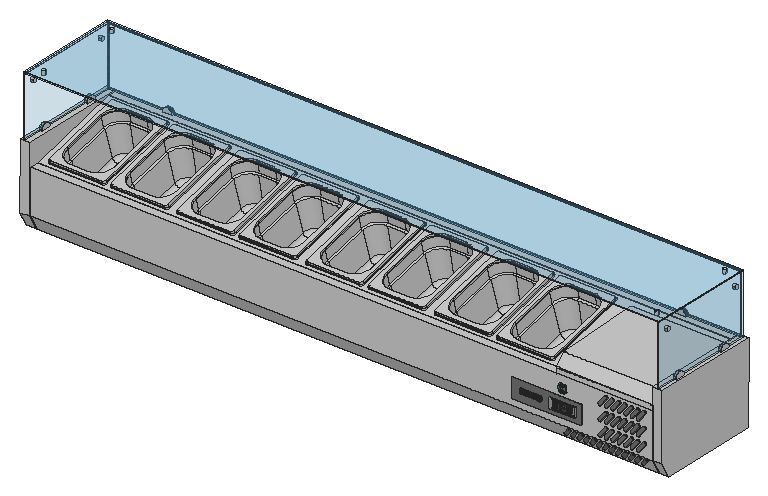
Revit family "QF_BLIZZARD_TOP2000-14CR", category Specialty Equipment, Revit 2016
Family settings
  Part Type = Normal
  Round Connector Dimension = Use Diameter
  OmniClass Number = 23.40.40.14
  OmniClass Title = Food Service Equipment
  Work Plane-Based = No
  Always vertical = Yes
  Cut with Voids When Loaded = No
  Shared = No
  Room Calculation Point = No
Parameters (values of type "TOP2000-14CR")
  URL = "www.blizzardequipment.com"
  Show Logo [instance] = yes
  Show Clearance [instance] = yes
  Model = "TOP2000-14CR"
  Manufacturer = "BLIZZARD"
  Description = "1/4 GASTRONORM PREP TOP WITH GLASS COVER 2000MM"
  Assembly Code = "E1090320"
Reference planes
  plane 1 "Back": y = 0
  plane 2: z = 0
  plane 3 "Left": x = 0
  plane 4 "Right": x = 2000
  plane 5 "Front": y = -335
  plane 6 "Top": z = 439
Forms (mm)
  Extrusion 1, solid
    sketch origin (0, -4, -8) x (0, 1, 0) y (0, 0, 1)
      loop
        line (-331, 53) -> (-306, 8) -> (2.955, 8)
        arc (2.955, 8) -> (3.694, 8.306) -> (4, 9.045) r 1.045
        line (4, 9.045) -> (4, 258) -> (-331, 258) -> (-331, 53)
    from 0 to 30
  Extrusion 2, solid
    sketch origin (1970, -4, -8) x (0, 1, 0) y (0, 0, 1)
      loop
        line (-331, 53) -> (-306, 8) -> (2.955, 8)
        arc (2.955, 8) -> (3.694, 8.306) -> (4, 9.045) r 1.045
        line (4, 9.045) -> (4, 258) -> (-331, 258) -> (-331, 53)
    from 0 to 30
  Extrusion 3, solid
    sketch origin (-580, -4, -8) x (0, 1, 0) y (0, 0, 1)
      loop
        line (-331, 53) -> (-306, 8) -> (2.955, 8)
        arc (2.955, 8) -> (3.694, 8.306) -> (4, 9.045) r 1.045
        line (4, 9.045) -> (4, 258) -> (-26, 258) -> (-26, 38) -> (-288.348, 38) -> (-301, 60.774) -> (-301, 190.193) -> (-331, 190.193) -> (-331, 53)
    from 610 to 2550
  Extrusion 4, solid
    sketch origin (10, 0, -20) x (0, 1, 0) y (0, 0, 1)
      loop
        line (-5, 455) -> (-335, 455) -> (-335, 270) -> (-5, 270) -> (-5, 455)
    from 0 to 5
  Extrusion 5, solid
    sketch origin (1985, 0, -20) x (0, 1, 0) y (0, 0, 1)
      loop
        line (-5, 455) -> (-335, 455) -> (-335, 270) -> (-5, 270) -> (-5, 455)
    from 0 to 5
  Extrusion 6, solid
    sketch origin (-610, 0, -20) x (0, 1, 0) y (0, 0, 1)
      loop
        line (-5, 460) -> (-335, 460) -> (-335, 455) -> (-5, 455) -> (-5, 460)
    from 620 to 2600
  Extrusion 7, solid
    sketch origin (-610, -5, -20) x (1, 0, 0) y (0, 0, 1)
      loop
        line (625, 455) -> (625, 270) -> (2595, 270) -> (2595, 455) -> (625, 455)
    from 0 to 5
  Extrusion 8, solid
    sketch origin (8, -65, -20) x (0, 1, 0) y (0, 0, 1)
      loop
        arc (0, 270) -> (-15, 285) -> (-30, 270) r 15
        line (-30, 270) -> (0, 270)
    from 0 to 2
  Extrusion 9, solid
    sketch origin (8, -270, -20) x (0, -1, 0) y (0, 0, -1)
      loop
        line (0, -270) -> (-30, -270)
        arc (-30, -270) -> (-15, -285) -> (0, -270) r 15
    from 0 to 2
  Extrusion 10, solid
    sketch origin (15, -65, -20) x (0, 1, 0) y (0, 0, 1)
      loop
        arc (0, 270) -> (-15, 285) -> (-30, 270) r 15
        line (-30, 270) -> (0, 270)
    from 0 to 2
  Extrusion 11, solid
    sketch origin (15, -270, -20) x (0, -1, 0) y (0, 0, -1)
      loop
        line (0, -270) -> (-30, -270)
        arc (-30, -270) -> (-15, -285) -> (0, -270) r 15
    from 0 to 2
  Extrusion 12, solid
    sketch origin (1983, -65, -20) x (0, 1, 0) y (0, 0, 1)
      loop
        arc (0, 270) -> (-15, 285) -> (-30, 270) r 15
        line (-30, 270) -> (0, 270)
    from 0 to 2
  Extrusion 13, solid
    sketch origin (1983, -270, -20) x (0, -1, 0) y (0, 0, -1)
      loop
        line (0, -270) -> (-30, -270)
        arc (-30, -270) -> (-15, -285) -> (0, -270) r 15
    from 0 to 2
  Extrusion 14, solid
    sketch origin (1990, -65, -20) x (0, 1, 0) y (0, 0, 1)
      loop
        arc (0, 270) -> (-15, 285) -> (-30, 270) r 15
        line (-30, 270) -> (0, 270)
    from 0 to 2
  Extrusion 15, solid
    sketch origin (1990, -270, -20) x (0, -1, 0) y (0, 0, -1)
      loop
        line (0, -270) -> (-30, -270)
        arc (-30, -270) -> (-15, -285) -> (0, -270) r 15
    from 0 to 2
  Extrusion 16, solid
    sketch origin (7.5, 60, -20) x (0, 1, 0) y (0, 0, 1)
      loop
        circle (-359.645, 424.645) r 5
    from 0 to 10
  Extrusion 17, solid
    sketch origin (1992.5, 60, -20) x (0, 1, 0) y (0, 0, -1)
      loop
        circle (-359.645, -424.645) r 5
    from 0 to 10
  Extrusion 18, solid
    sketch origin (7.5, -395, -20) x (0, -1, 0) y (0, 0, -1)
      loop
        circle (-359.645, -424.645) r 5
    from 0 to 10
  Extrusion 19, solid
    sketch origin (1992.5, -395, -20) x (0, -1, 0) y (0, 0, 1)
      loop
        circle (-359.645, 424.645) r 5
    from 0 to 10
  Extrusion 20, solid
    sketch origin (0, 0, 432.5) x (1, 0, 0) y (0, 1, 0)
      loop
        circle (45.355, -35.355) r 5
    from 0 to 10
  Extrusion 21, solid
    sketch origin (2000, 0, 432.5) x (-1, 0, 0) y (0, -1, 0)
      loop
        circle (45.355, 35.355) r 5
    from 0 to 10
  Extrusion 22, solid
    sketch origin (0, -335, 432.5) x (1, 0, 0) y (0, 1, 0)
      loop
        circle (45.355, 35.355) r 5
    from 0 to 10
  Extrusion 23, solid
    sketch origin (2000, -335, 432.5) x (-1, 0, 0) y (0, -1, 0)
      loop
        circle (45.355, -35.355) r 5
    from 0 to 10
  Extrusion 24, solid
    sketch origin (-610, 385.906, 349.46) x (1, 0, 0) y (0, 0.970921, 0.2394)
      loop
        line (640, -711.416) -> (2580, -711.416) -> (2580, -427.653) -> (640, -427.653) -> (640, -711.416)
      loop
        line (833, -442.96) -> (671, -442.96)
        arc (671, -442.96) -> (666.757, -444.717) -> (665, -448.96) r 6
        line (665, -448.96) -> (665, -691.86)
        arc (665, -691.86) -> (666.757, -696.102) -> (671, -697.86) r 6
        line (671, -697.86) -> (833, -697.86)
        arc (833, -697.86) -> (837.243, -696.102) -> (839, -691.86) r 6
        line (839, -691.86) -> (839, -448.96)
        arc (839, -448.96) -> (837.243, -444.717) -> (833, -442.96) r 6
      loop
        line (1027, -442.96) -> (865, -442.96)
        arc (865, -442.96) -> (860.757, -444.717) -> (859, -448.96) r 6
        line (859, -448.96) -> (859, -691.86)
        arc (859, -691.86) -> (860.757, -696.102) -> (865, -697.86) r 6
        line (865, -697.86) -> (1027, -697.86)
        arc (1027, -697.86) -> (1031.243, -696.102) -> (1033, -691.86) r 6
        line (1033, -691.86) -> (1033, -448.96)
        arc (1033, -448.96) -> (1031.243, -444.717) -> (1027, -442.96) r 6
      loop
        line (1233, -442.96) -> (1071, -442.96)
        arc (1071, -442.96) -> (1066.757, -444.717) -> (1065, -448.96) r 6
        line (1065, -448.96) -> (1065, -691.86)
        arc (1065, -691.86) -> (1066.757, -696.102) -> (1071, -697.86) r 6
        line (1071, -697.86) -> (1233, -697.86)
        arc (1233, -697.86) -> (1237.243, -696.102) -> (1239, -691.86) r 6
        line (1239, -691.86) -> (1239, -448.96)
        arc (1239, -448.96) -> (1237.243, -444.717) -> (1233, -442.96) r 6
      loop
        line (2229, -442.96) -> (2067, -442.96)
        arc (2067, -442.96) -> (2062.757, -444.717) -> (2061, -448.96) r 6
        line (2061, -448.96) -> (2061, -691.86)
        arc (2061, -691.86) -> (2062.757, -696.102) -> (2067, -697.86) r 6
        line (2067, -697.86) -> (2229, -697.86)
        arc (2229, -697.86) -> (2233.243, -696.102) -> (2235, -691.86) r 6
        line (2235, -691.86) -> (2235, -448.96)
        arc (2235, -448.96) -> (2233.243, -444.717) -> (2229, -442.96) r 6
      loop
        line (1427, -442.96) -> (1265, -442.96)
        arc (1265, -442.96) -> (1260.757, -444.717) -> (1259, -448.96) r 6
        line (1259, -448.96) -> (1259, -691.86)
        arc (1259, -691.86) -> (1260.757, -696.102) -> (1265, -697.86) r 6
        line (1265, -697.86) -> (1427, -697.86)
        arc (1427, -697.86) -> (1431.243, -696.102) -> (1433, -691.86) r 6
        line (1433, -691.86) -> (1433, -448.96)
        arc (1433, -448.96) -> (1431.243, -444.717) -> (1427, -442.96) r 6
      loop
        line (1635, -442.96) -> (1473, -442.96)
        arc (1473, -442.96) -> (1468.757, -444.717) -> (1467, -448.96) r 6
        line (1467, -448.96) -> (1467, -691.86)
        arc (1467, -691.86) -> (1468.757, -696.102) -> (1473, -697.86) r 6
        line (1473, -697.86) -> (1635, -697.86)
        arc (1635, -697.86) -> (1639.243, -696.102) -> (1641, -691.86) r 6
        line (1641, -691.86) -> (1641, -448.96)
        arc (1641, -448.96) -> (1639.243, -444.717) -> (1635, -442.96) r 6
      loop
        line (1829, -442.96) -> (1667, -442.96)
        arc (1667, -442.96) -> (1662.757, -444.717) -> (1661, -448.96) r 6
        line (1661, -448.96) -> (1661, -691.86)
        arc (1661, -691.86) -> (1662.757, -696.102) -> (1667, -697.86) r 6
        line (1667, -697.86) -> (1829, -697.86)
        arc (1829, -697.86) -> (1833.243, -696.102) -> (1835, -691.86) r 6
        line (1835, -691.86) -> (1835, -448.96)
        arc (1835, -448.96) -> (1833.243, -444.717) -> (1829, -442.96) r 6
      loop
        line (2035, -442.96) -> (1873, -442.96)
        arc (1873, -442.96) -> (1868.757, -444.717) -> (1867, -448.96) r 6
        line (1867, -448.96) -> (1867, -691.86)
        arc (1867, -691.86) -> (1868.757, -696.102) -> (1873, -697.86) r 6
        line (1873, -697.86) -> (2035, -697.86)
        arc (2035, -697.86) -> (2039.243, -696.102) -> (2041, -691.86) r 6
        line (2041, -691.86) -> (2041, -448.96)
        arc (2041, -448.96) -> (2039.243, -444.717) -> (2035, -442.96) r 6
    from 0 to 3
  Extrusion 25, solid
    sketch origin (42.5, -3, -20) x (1, 0, 0) y (0, 0, 1)
      loop
        line (142.5, 270) -> (172.5, 270)
        arc (172.5, 270) -> (157.5, 285) -> (142.5, 270) r 15
    from 0 to 2
  Extrusion 26, solid
    sketch origin (1957.5, -3, -20) x (-1, 0, 0) y (0, 0, -1)
      loop
        arc (142.5, -270) -> (157.5, -285) -> (172.5, -270) r 15
        line (172.5, -270) -> (142.5, -270)
    from 0 to 2
  Extrusion 27, solid
    sketch origin (42.5, -10, -20) x (1, 0, 0) y (0, 0, 1)
      loop
        line (142.5, 270) -> (172.5, 270)
        arc (172.5, 270) -> (157.5, 285) -> (142.5, 270) r 15
    from 0 to 2
  Extrusion 28, solid
    sketch origin (1957.5, -10, -20) x (-1, 0, 0) y (0, 0, -1)
      loop
        arc (142.5, -270) -> (157.5, -285) -> (172.5, -270) r 15
        line (172.5, -270) -> (142.5, -270)
    from 0 to 2
  Extrusion 29, solid
    sketch origin (1648, 205.936, 282.02) x (0, -0.34202, 0.939693) y (0, -0.939693, -0.34202)
      loop
        line (10.308, 247.326) -> (47.651, 233.734) -> (128.811, 499.195)
        arc (128.811, 499.195) -> (128.866, 499.813) -> (128.666, 500.4) r 1.501
        line (128.666, 500.4) -> (108.005, 535.217)
        arc (108.005, 535.217) -> (107.581, 535.724) -> (107.017, 536.068) r 2.032
        line (107.017, 536.068) -> (91.205, 542.456) -> (88.633, 535.39) -> (89.426, 502.22) -> (10.308, 247.326)
    from 24 to 322
  Extrusion 30, solid
    sketch origin (1250.536, -333.5, -1739.135) x (1, 0, 0) y (0, 0, 1)
      loop
        arc (285, 1864.135) -> (281.464, 1862.671) -> (280, 1859.135) r 5
        line (280, 1859.135) -> (280, 1809.135)
        arc (280, 1809.135) -> (281.464, 1805.6) -> (285, 1804.135) r 5
        line (285, 1804.135) -> (494.464, 1804.135)
        arc (494.464, 1804.135) -> (498, 1805.6) -> (499.464, 1809.135) r 5
        line (499.464, 1809.135) -> (499.464, 1859.135)
        arc (499.464, 1859.135) -> (498, 1862.671) -> (494.464, 1864.135) r 5
        line (494.464, 1864.135) -> (285, 1864.135)
    from 0 to 2
  Extrusion 31, solid
    sketch origin (1392.5, -333.5, -713.75) x (1, 0, 0) y (0, 0, 1)
      loop
        arc (260.5, 825) -> (258.379, 824.121) -> (257.5, 822) r 3
        line (257.5, 822) -> (257.5, 795.5)
        arc (257.5, 795.5) -> (258.379, 793.379) -> (260.5, 792.5) r 3
        line (260.5, 792.5) -> (334.5, 792.5)
        arc (334.5, 792.5) -> (336.621, 793.379) -> (337.5, 795.5) r 3
        line (337.5, 795.5) -> (337.5, 822)
        arc (337.5, 822) -> (336.621, 824.121) -> (334.5, 825) r 3
        line (334.5, 825) -> (260.5, 825)
    from 0 to 4
  Extrusion 32, solid
    sketch origin (1392.5, -336.5, -703.75) x (1, 0, 0) y (0, 0, 1)
      loop
        arc (278, 812.5) -> (275.879, 811.621) -> (275, 809.5) r 3
        line (275, 809.5) -> (275, 788)
        arc (275, 788) -> (275.879, 785.879) -> (278, 785) r 3
        line (278, 785) -> (317, 785)
        arc (317, 785) -> (319.121, 785.879) -> (320, 788) r 3
        line (320, 788) -> (320, 809.5)
        arc (320, 809.5) -> (319.121, 811.621) -> (317, 812.5) r 3
        line (317, 812.5) -> (278, 812.5)
    from 0 to 2
  Extrusion 33, solid
    sketch origin (1393.951, -337, -704.25) x (1, 0, 0) y (0, 0, 1)
      loop
        line (278.549, 800.5) -> (280.549, 800.5) -> (280.549, 809) -> (278.549, 809) -> (278.549, 800.5)
      loop
        line (278.549, 789) -> (280.549, 789) -> (280.549, 797) -> (278.549, 797) -> (278.549, 789)
      loop
        line (281.049, 811.5) -> (281.049, 809.5) -> (291.049, 809.5) -> (291.049, 811.5) -> (281.049, 811.5)
      loop
        line (293.549, 800.5) -> (293.549, 809) -> (291.549, 809) -> (291.549, 800.5) -> (293.549, 800.5)
      loop
        line (293.549, 789) -> (293.549, 797) -> (291.549, 797) -> (291.549, 789) -> (293.549, 789)
      loop
        line (281.049, 786.5) -> (291.049, 786.5) -> (291.049, 788.5) -> (281.049, 788.5) -> (281.049, 786.5)
      loop
        line (298.549, 800.5) -> (300.549, 800.5) -> (300.549, 809) -> (298.549, 809) -> (298.549, 800.5)
      loop
        line (301.049, 811.5) -> (301.049, 809.5) -> (311.049, 809.5) -> (311.049, 811.5) -> (301.049, 811.5)
      loop
        line (313.549, 800.5) -> (313.549, 809) -> (311.549, 809) -> (311.549, 800.5) -> (313.549, 800.5)
      loop
        line (313.549, 789) -> (313.549, 797) -> (311.549, 797) -> (311.549, 789) -> (313.549, 789)
      loop
        line (301.049, 798) -> (311.049, 798) -> (311.049, 800) -> (301.049, 800) -> (301.049, 798)
      loop
        line (301.049, 786.5) -> (311.049, 786.5) -> (311.049, 788.5) -> (301.049, 788.5) -> (301.049, 786.5)
      loop
        line (297.049, 786.5) -> (297.049, 788.5) -> (295.049, 788.5) -> (295.049, 786.5) -> (297.049, 786.5)
    from 0 to 2
  Extrusion 34, solid
    sketch origin (1365.5, -336, -1708.75) x (1, 0, 0) y (0, 0, 1)
      loop
        arc (300, 1815) -> (299.121, 1817.121) -> (297, 1818) r 3
        line (297, 1818) -> (292, 1818) -> (292, 1816) -> (297, 1816)
        arc (297, 1816) -> (297.707, 1815.707) -> (298, 1815) r 1
        line (298, 1815) -> (298, 1811.5) -> (295, 1811.5) -> (295, 1809.5) -> (298, 1809.5) -> (298, 1805) -> (295, 1805) -> (295, 1803) -> (298, 1803) -> (298, 1798.5) -> (295, 1798.5) -> (295, 1796.5) -> (298, 1796.5) -> (298, 1793)
        arc (298, 1793) -> (297.707, 1792.293) -> (297, 1792) r 1
        line (297, 1792) -> (292, 1792) -> (292, 1790) -> (297, 1790)
        arc (297, 1790) -> (299.121, 1790.879) -> (300, 1793) r 3
        line (300, 1793) -> (300, 1815)
      loop
        line (349, 1815) -> (349, 1793)
        arc (349, 1793) -> (349.879, 1790.879) -> (352, 1790) r 3
        line (352, 1790) -> (357, 1790) -> (357, 1792) -> (352, 1792)
        arc (352, 1792) -> (351.293, 1792.293) -> (351, 1793) r 1
        line (351, 1793) -> (351, 1796.5) -> (354, 1796.5) -> (354, 1798.5) -> (351, 1798.5) -> (351, 1803) -> (354, 1803) -> (354, 1805) -> (351, 1805) -> (351, 1809.5) -> (354, 1809.5) -> (354, 1811.5) -> (351, 1811.5) -> (351, 1815)
        arc (351, 1815) -> (351.293, 1815.707) -> (352, 1816) r 1
        line (352, 1816) -> (357, 1816) -> (357, 1818) -> (352, 1818)
        arc (352, 1818) -> (349.879, 1817.121) -> (349, 1815) r 3
    from 0 to 2
  Extrusion 35, solid, visible <- "Show Logo"
    sketch origin (1532.91, -333.7, -42.983) x (1, 0, 0) y (0, 0, 1)
      loop
        line (30.3, 133.137) -> (36.162, 133.137)
        arc (36.162, 133.137) -> (39.122, 134.994) -> (38.048, 138.319) r 2.844
        arc (38.048, 138.319) -> (38.838, 141.267) -> (36.338, 143.017) r 2.66
        line (36.338, 143.017) -> (31.338, 143.017) -> (30.3, 133.137)
      loop
        line (33.066, 135.126) -> (35.993, 135.126)
        arc (35.993, 135.126) -> (36.943, 136.076) -> (35.993, 137.026) r 0.95
        line (35.993, 137.026) -> (33.066, 137.026) -> (33.066, 135.126)
      loop
        line (33.528, 139.285) -> (36.147, 139.285)
        arc (36.147, 139.285) -> (36.994, 140.133) -> (36.147, 140.98) r 0.847
        line (36.147, 140.98) -> (33.528, 140.98) -> (33.528, 139.285)
      loop
        line (40.306, 133.137) -> (42.874, 133.137) -> (43.912, 143.017) -> (41.344, 143.017) -> (40.306, 133.137)
      loop
        line (45.174, 140.98) -> (47.749, 140.98) -> (47.964, 143.017) -> (45.389, 143.017) -> (45.174, 140.98)
      loop
        line (45.104, 140.313) -> (44.35, 133.137) -> (46.671, 133.137) -> (47.425, 140.313) -> (45.104, 140.313)
      loop
        line (48.314, 138.359) -> (51.196, 138.359) -> (47.765, 134.548) -> (47.765, 133.137) -> (54.184, 133.137) -> (54.393, 135.126) -> (51.213, 135.126) -> (54.657, 138.952) -> (54.657, 140.313) -> (48.519, 140.313) -> (48.314, 138.359)
      loop
        line (55.213, 138.359) -> (58.095, 138.359) -> (54.664, 134.548) -> (54.664, 133.137) -> (61.084, 133.137) -> (61.293, 135.126) -> (58.112, 135.126) -> (61.557, 138.952) -> (61.557, 140.313) -> (55.419, 140.313) -> (55.213, 138.359)
      loop
        arc (64.816, 137.983) -> (65.785, 138.952) -> (66.753, 137.983) r 0.969
        line (66.753, 137.983) -> (64.711, 137.436)
        arc (64.711, 137.436) -> (62.642, 134.297) -> (66.342, 133.633) r 2.251
        line (66.342, 133.633) -> (66.77, 132.921) -> (69.168, 132.921) -> (68.641, 134.052) -> (69.084, 138.274)
        arc (69.084, 138.274) -> (65.782, 140.567) -> (62.514, 138.225) r 3.488
        line (62.514, 138.225) -> (64.816, 137.983)
      loop
        line (69.848, 133.137) -> (72.232, 133.137) -> (72.59, 136.546)
        arc (72.59, 136.546) -> (73.413, 137.974) -> (75.025, 138.32) r 2.029
        line (75.025, 138.32) -> (75.83, 140.313)
        arc (75.83, 140.313) -> (74.279, 140.541) -> (72.927, 139.749) r 2.362
        line (72.927, 139.749) -> (72.927, 140.627) -> (70.635, 140.627) -> (69.848, 133.137)
      loop
        line (82.596, 133.137) -> (83.635, 143.017) -> (81.373, 143.017) -> (81.031, 139.764)
        arc (81.031, 139.764) -> (75.402, 137.124) -> (80.359, 133.372) r 3.631
        line (80.359, 133.372) -> (82.596, 133.137)
      loop
        spline (78.956, 134.82) -> (79.32, 134.851) -> (79.675, 135.016) -> (79.994, 135.304) -> (80.258, 135.695) -> (80.446, 136.164) -> (80.548, 136.677) -> (80.555, 137.2) -> (80.468, 137.697) -> (80.292, 138.134) -> (80.039, 138.483) -> (79.727, 138.718) -> (79.376, 138.823)
        spline (79.376, 138.823) -> (79.011, 138.793) -> (78.657, 138.628) -> (78.338, 138.34) -> (78.074, 137.948) -> (77.886, 137.48) -> (77.784, 136.967) -> (77.777, 136.444) -> (77.864, 135.947) -> (78.04, 135.509) -> (78.293, 135.161) -> (78.605, 134.926) -> (78.956, 134.82)
      loop
        line (66.385, 136.28) -> (64.729, 135.958)
        arc (64.729, 135.958) -> (64.361, 135.233) -> (65.042, 134.788) r 0.609
        arc (65.042, 134.788) -> (66.068, 135.215) -> (66.385, 136.28) r 1.295
      loop
        line (85.459, 146.184) -> (29.578, 146.184)
        arc (29.578, 146.184) -> (25.494, 144.492) -> (23.802, 140.407) r 5.777
        line (23.802, 140.407) -> (23.802, 135.662)
        arc (23.802, 135.662) -> (25.494, 131.578) -> (29.578, 129.886) r 5.777
        line (29.578, 129.886) -> (85.459, 129.886)
        arc (85.459, 129.886) -> (89.544, 131.578) -> (91.236, 135.662) r 5.777
        line (91.236, 135.662) -> (91.236, 140.407)
        arc (91.236, 140.407) -> (89.544, 144.492) -> (85.459, 146.184) r 5.777
      loop
        line (85.459, 145.184) -> (29.578, 145.184)
        arc (29.578, 145.184) -> (26.201, 143.785) -> (24.802, 140.407) r 4.777
        line (24.802, 140.407) -> (24.802, 135.662)
        arc (24.802, 135.662) -> (26.201, 132.285) -> (29.578, 130.886) r 4.777
        line (29.578, 130.886) -> (85.459, 130.886)
        arc (85.459, 130.886) -> (88.837, 132.285) -> (90.236, 135.662) r 4.777
        line (90.236, 135.662) -> (90.236, 140.407)
        arc (90.236, 140.407) -> (88.837, 143.785) -> (85.459, 145.184) r 4.777
    from 0 to 2
  Extrusion 36, solid
    sketch origin (791.08, -333.5, -34.541) x (1, 0, 0) y (0, 0, 1)
      loop
        line (1030, 207.338) -> (1011.08, 183.441)
        arc (1011.08, 183.441) -> (1011.896, 176.418) -> (1018.92, 177.234) r 5
        line (1018.92, 177.234) -> (1037.84, 201.13)
        arc (1037.84, 201.13) -> (1037.024, 208.154) -> (1030, 207.338) r 5
      loop
        line (1050, 207.338) -> (1031.08, 183.441)
        arc (1031.08, 183.441) -> (1031.896, 176.418) -> (1038.92, 177.234) r 5
        line (1038.92, 177.234) -> (1057.84, 201.13)
        arc (1057.84, 201.13) -> (1057.024, 208.154) -> (1050, 207.338) r 5
      loop
        line (1070, 207.338) -> (1051.08, 183.441)
        arc (1051.08, 183.441) -> (1051.896, 176.418) -> (1058.92, 177.234) r 5
        line (1058.92, 177.234) -> (1077.84, 201.13)
        arc (1077.84, 201.13) -> (1077.024, 208.154) -> (1070, 207.338) r 5
      loop
        line (1090, 207.338) -> (1071.08, 183.441)
        arc (1071.08, 183.441) -> (1071.896, 176.418) -> (1078.92, 177.234) r 5
        line (1078.92, 177.234) -> (1097.84, 201.13)
        arc (1097.84, 201.13) -> (1097.024, 208.154) -> (1090, 207.338) r 5
      loop
        line (1110, 207.338) -> (1091.08, 183.441)
        arc (1091.08, 183.441) -> (1091.896, 176.418) -> (1098.92, 177.234) r 5
        line (1098.92, 177.234) -> (1117.84, 201.13)
        arc (1117.84, 201.13) -> (1117.024, 208.154) -> (1110, 207.338) r 5
      loop
        line (1130, 207.338) -> (1111.08, 183.441)
        arc (1111.08, 183.441) -> (1111.896, 176.418) -> (1118.92, 177.234) r 5
        line (1118.92, 177.234) -> (1137.84, 201.13)
        arc (1137.84, 201.13) -> (1137.024, 208.154) -> (1130, 207.338) r 5
      loop
        line (1150, 207.338) -> (1131.08, 183.441)
        arc (1131.08, 183.441) -> (1131.896, 176.418) -> (1138.92, 177.234) r 5
        line (1138.92, 177.234) -> (1157.84, 201.13)
        arc (1157.84, 201.13) -> (1157.024, 208.154) -> (1150, 207.338) r 5
      loop
        line (1030, 163.441) -> (1011.08, 139.545)
        arc (1011.08, 139.545) -> (1011.896, 132.521) -> (1018.92, 133.338) r 5
        line (1018.92, 133.338) -> (1037.84, 157.234)
        arc (1037.84, 157.234) -> (1037.024, 164.258) -> (1030, 163.441) r 5
      loop
        line (1050, 163.441) -> (1031.08, 139.545)
        arc (1031.08, 139.545) -> (1031.896, 132.521) -> (1038.92, 133.338) r 5
        line (1038.92, 133.338) -> (1057.84, 157.234)
        arc (1057.84, 157.234) -> (1057.024, 164.258) -> (1050, 163.441) r 5
      loop
        line (1070, 163.441) -> (1051.08, 139.545)
        arc (1051.08, 139.545) -> (1051.896, 132.521) -> (1058.92, 133.338) r 5
        line (1058.92, 133.338) -> (1077.84, 157.234)
        arc (1077.84, 157.234) -> (1077.024, 164.258) -> (1070, 163.441) r 5
      loop
        line (1090, 163.441) -> (1071.08, 139.545)
        arc (1071.08, 139.545) -> (1071.896, 132.521) -> (1078.92, 133.338) r 5
        line (1078.92, 133.338) -> (1097.84, 157.234)
        arc (1097.84, 157.234) -> (1097.024, 164.258) -> (1090, 163.441) r 5
      loop
        line (1110, 163.441) -> (1091.08, 139.545)
        arc (1091.08, 139.545) -> (1091.896, 132.521) -> (1098.92, 133.338) r 5
        line (1098.92, 133.338) -> (1117.84, 157.234)
        arc (1117.84, 157.234) -> (1117.024, 164.258) -> (1110, 163.441) r 5
      loop
        line (1130, 163.441) -> (1111.08, 139.545)
        arc (1111.08, 139.545) -> (1111.896, 132.521) -> (1118.92, 133.338) r 5
        line (1118.92, 133.338) -> (1137.84, 157.234)
        arc (1137.84, 157.234) -> (1137.024, 164.258) -> (1130, 163.441) r 5
      loop
        line (1150, 163.441) -> (1131.08, 139.545)
        arc (1131.08, 139.545) -> (1131.896, 132.521) -> (1138.92, 133.338) r 5
        line (1138.92, 133.338) -> (1157.84, 157.234)
        arc (1157.84, 157.234) -> (1157.024, 164.258) -> (1150, 163.441) r 5
      loop
        line (1030, 119.663) -> (1011.08, 95.767)
        arc (1011.08, 95.767) -> (1011.896, 88.743) -> (1018.92, 89.559) r 5
        line (1018.92, 89.559) -> (1037.84, 113.456)
        arc (1037.84, 113.456) -> (1037.024, 120.479) -> (1030, 119.663) r 5
      loop
        line (1050, 119.663) -> (1031.08, 95.767)
        arc (1031.08, 95.767) -> (1031.896, 88.743) -> (1038.92, 89.559) r 5
        line (1038.92, 89.559) -> (1057.84, 113.456)
        arc (1057.84, 113.456) -> (1057.024, 120.479) -> (1050, 119.663) r 5
      loop
        line (1070, 119.663) -> (1051.08, 95.767)
        arc (1051.08, 95.767) -> (1051.896, 88.743) -> (1058.92, 89.559) r 5
        line (1058.92, 89.559) -> (1077.84, 113.456)
        arc (1077.84, 113.456) -> (1077.024, 120.479) -> (1070, 119.663) r 5
      loop
        line (1090, 119.663) -> (1071.08, 95.767)
        arc (1071.08, 95.767) -> (1071.896, 88.743) -> (1078.92, 89.559) r 5
        line (1078.92, 89.559) -> (1097.84, 113.456)
        arc (1097.84, 113.456) -> (1097.024, 120.479) -> (1090, 119.663) r 5
      loop
        line (1110, 119.663) -> (1091.08, 95.767)
        arc (1091.08, 95.767) -> (1091.896, 88.743) -> (1098.92, 89.559) r 5
        line (1098.92, 89.559) -> (1117.84, 113.456)
        arc (1117.84, 113.456) -> (1117.024, 120.479) -> (1110, 119.663) r 5
      loop
        line (1130, 119.663) -> (1111.08, 95.767)
        arc (1111.08, 95.767) -> (1111.896, 88.743) -> (1118.92, 89.559) r 5
        line (1118.92, 89.559) -> (1137.84, 113.456)
        arc (1137.84, 113.456) -> (1137.024, 120.479) -> (1130, 119.663) r 5
      loop
        line (1150, 119.663) -> (1131.08, 95.767)
        arc (1131.08, 95.767) -> (1131.896, 88.743) -> (1138.92, 89.559) r 5
        line (1138.92, 89.559) -> (1157.84, 113.456)
        arc (1157.84, 113.456) -> (1157.024, 120.479) -> (1150, 119.663) r 5
    from 0 to 2
  Extrusion 37, solid
    sketch origin (791.08, -228.186, -144.301) x (1, 0, 0) y (0, -0.485643, 0.874157)
      loop
        line (1030, 207.338) -> (1011.08, 183.441)
        arc (1011.08, 183.441) -> (1011.896, 176.418) -> (1018.92, 177.234) r 5
        line (1018.92, 177.234) -> (1037.84, 201.13)
        arc (1037.84, 201.13) -> (1037.024, 208.154) -> (1030, 207.338) r 5
      loop
        line (1050, 207.338) -> (1031.08, 183.441)
        arc (1031.08, 183.441) -> (1031.896, 176.418) -> (1038.92, 177.234) r 5
        line (1038.92, 177.234) -> (1057.84, 201.13)
        arc (1057.84, 201.13) -> (1057.024, 208.154) -> (1050, 207.338) r 5
      loop
        line (1070, 207.338) -> (1051.08, 183.441)
        arc (1051.08, 183.441) -> (1051.896, 176.418) -> (1058.92, 177.234) r 5
        line (1058.92, 177.234) -> (1077.84, 201.13)
        arc (1077.84, 201.13) -> (1077.024, 208.154) -> (1070, 207.338) r 5
      loop
        line (1090, 207.338) -> (1071.08, 183.441)
        arc (1071.08, 183.441) -> (1071.896, 176.418) -> (1078.92, 177.234) r 5
        line (1078.92, 177.234) -> (1097.84, 201.13)
        arc (1097.84, 201.13) -> (1097.024, 208.154) -> (1090, 207.338) r 5
      loop
        line (1110, 207.338) -> (1091.08, 183.441)
        arc (1091.08, 183.441) -> (1091.896, 176.418) -> (1098.92, 177.234) r 5
        line (1098.92, 177.234) -> (1117.84, 201.13)
        arc (1117.84, 201.13) -> (1117.024, 208.154) -> (1110, 207.338) r 5
      loop
        line (1130, 207.338) -> (1111.08, 183.441)
        arc (1111.08, 183.441) -> (1111.896, 176.418) -> (1118.92, 177.234) r 5
        line (1118.92, 177.234) -> (1137.84, 201.13)
        arc (1137.84, 201.13) -> (1137.024, 208.154) -> (1130, 207.338) r 5
      loop
        line (1150, 207.338) -> (1131.08, 183.441)
        arc (1131.08, 183.441) -> (1131.896, 176.418) -> (1138.92, 177.234) r 5
        line (1138.92, 177.234) -> (1157.84, 201.13)
        arc (1157.84, 201.13) -> (1157.024, 208.154) -> (1150, 207.338) r 5
      loop
        line (910, 207.338) -> (891.08, 183.441)
        arc (891.08, 183.441) -> (891.896, 176.418) -> (898.92, 177.234) r 5
        line (898.92, 177.234) -> (917.84, 201.13)
        arc (917.84, 201.13) -> (917.024, 208.154) -> (910, 207.338) r 5
      loop
        line (930, 207.338) -> (911.08, 183.441)
        arc (911.08, 183.441) -> (911.896, 176.418) -> (918.92, 177.234) r 5
        line (918.92, 177.234) -> (937.84, 201.13)
        arc (937.84, 201.13) -> (937.024, 208.154) -> (930, 207.338) r 5
      loop
        line (950, 207.338) -> (931.08, 183.441)
        arc (931.08, 183.441) -> (931.896, 176.418) -> (938.92, 177.234) r 5
        line (938.92, 177.234) -> (957.84, 201.13)
        arc (957.84, 201.13) -> (957.024, 208.154) -> (950, 207.338) r 5
      loop
        line (970, 207.338) -> (951.08, 183.441)
        arc (951.08, 183.441) -> (951.896, 176.418) -> (958.92, 177.234) r 5
        line (958.92, 177.234) -> (977.84, 201.13)
        arc (977.84, 201.13) -> (977.024, 208.154) -> (970, 207.338) r 5
      loop
        line (990, 207.338) -> (971.08, 183.441)
        arc (971.08, 183.441) -> (971.896, 176.418) -> (978.92, 177.234) r 5
        line (978.92, 177.234) -> (997.84, 201.13)
        arc (997.84, 201.13) -> (997.024, 208.154) -> (990, 207.338) r 5
      loop
        line (1010, 207.338) -> (991.08, 183.441)
        arc (991.08, 183.441) -> (991.896, 176.418) -> (998.92, 177.234) r 5
        line (998.92, 177.234) -> (1017.84, 201.13)
        arc (1017.84, 201.13) -> (1017.024, 208.154) -> (1010, 207.338) r 5
    from 0 to 2
  Extrusion 38, solid
    sketch origin (1682.5, -325.499, -657) x (1, 0, 0) y (0, 0, 1)
      loop
        arc (3, 815) -> (0.879, 814.121) -> (0, 812) r 3
        line (0, 812) -> (0, 798)
        arc (0, 798) -> (0.879, 795.879) -> (3, 795) r 3
        line (3, 795) -> (12, 795)
        arc (12, 795) -> (14.121, 795.879) -> (15, 798) r 3
        line (15, 798) -> (15, 812)
        arc (15, 812) -> (14.121, 814.121) -> (12, 815) r 3
        line (12, 815) -> (3, 815)
    from 9.001 to 20
  Extrusion 39, void
    sketch origin (1680, 314.501, -657) x (0, 1, 0) y (0, 0, 1)
      loop
        line (-659.545, 817.359) -> (-661.721, 817.359) -> (-661.721, 793) -> (-653.921, 793) -> (-659.545, 817.359)
    from 0 to 20
  Extrusion 40, solid
    sketch origin (1682.5, -333.5, -657) x (1, 0, 0) y (0, 0, 1)
      loop
        arc (3, 818) -> (-1.243, 816.243) -> (-3, 812) r 6
        line (-3, 812) -> (-3, 798)
        arc (-3, 798) -> (-1.243, 793.757) -> (3, 792) r 6
        line (3, 792) -> (12, 792)
        arc (12, 792) -> (16.243, 793.757) -> (18, 798) r 6
        line (18, 798) -> (18, 812)
        arc (18, 812) -> (16.243, 816.243) -> (12, 818) r 6
        line (12, 818) -> (3, 818)
    from 0 to 4
  Extrusion 41, solid
    sketch origin (1320.219, -160.533, -632.176) x (1, 0, 0) y (0, -0.224951, 0.97437)
      loop
        line (368.781, 810.281) -> (368.781, 805.281) -> (370.781, 805.281) -> (370.781, 810.281) -> (368.781, 810.281)
    from 0 to 2
  Extrusion 42, solid
    sketch origin (1320.219, -157.384, -645.817) x (1, 0, 0) y (0, -0.224951, 0.97437)
      loop
        circle (369.781, 809.781) r 2.5
      loop
        circle (369.781, 809.781) r 3.5
    from 0 to 2
  Sweep 43, solid
    path origin (379, -7.744, 108.205) x (0, -0.970921, -0.2394) y (1, 0, 0)
      loop
        line (62.985, -289.089) -> (197.95, -289.089)
        arc (197.95, -289.089) -> (215.337, -281.887) -> (222.539, -264.5) r 24.589
        line (222.539, -264.5) -> (222.539, -209.5)
        arc (222.539, -209.5) -> (215.337, -192.113) -> (197.95, -184.911) r 24.589
        line (197.95, -184.911) -> (62.985, -184.911)
        arc (62.985, -184.911) -> (45.598, -192.113) -> (38.396, -209.5) r 24.589
        line (38.396, -209.5) -> (38.396, -264.5)
        arc (38.396, -264.5) -> (45.598, -281.887) -> (62.985, -289.089) r 24.589
    profile origin (89.911, -134.417, 76.971) x (1, 0, 0) y (0, -0.2394, 0.970921)
      loop
        arc (0, 2) -> (-9.637, 5.845) -> (-13.981, 15.267) r 14
        line (-13.981, 15.267) -> (-18.689, 105.106) -> (-23.411, 109.828) -> (-23.411, 143) -> (-25.411, 143) -> (-25.411, 109) -> (-20.646, 104.235) -> (-15.978, 15.163)
        arc (-15.978, 15.163) -> (-11.014, 4.394) -> (0, 0) r 16
        line (0, 0) -> (0, 2)
  Extrusion 44, solid
    sketch origin (379, -8.941, 113.06) x (0, -0.970921, -0.2394) y (1, 0, 0)
      loop
        line (0, -156) -> (0, -318)
        arc (0, -318) -> (2.636, -324.364) -> (9, -327) r 9
        line (9, -327) -> (251.939, -327)
        arc (251.939, -327) -> (258.303, -324.364) -> (260.939, -318) r 9
        line (260.939, -318) -> (260.939, -156)
        arc (260.939, -156) -> (258.303, -149.636) -> (251.939, -147) r 9
        line (251.939, -147) -> (9, -147)
        arc (9, -147) -> (2.636, -149.636) -> (0, -156) r 9
      loop
        arc (14.985, -264.5) -> (29.043, -298.441) -> (62.985, -312.5) r 48
        line (62.985, -312.5) -> (198.139, -312.5)
        arc (198.139, -312.5) -> (231.949, -298.495) -> (245.954, -264.685) r 47.815
        line (245.954, -264.685) -> (245.954, -209.5)
        arc (245.954, -209.5) -> (231.895, -175.559) -> (197.954, -161.5) r 48
        line (197.954, -161.5) -> (62.985, -161.5)
        arc (62.985, -161.5) -> (29.043, -175.559) -> (14.985, -209.5) r 48
        line (14.985, -209.5) -> (14.985, -264.5)
    from 138 to 140
  Extrusion 45, solid
    sketch origin (379, -8.941, 113.06) x (0, -0.970921, -0.2394) y (1, 0, 0)
      loop
        arc (3, -318) -> (4.757, -322.243) -> (9, -324) r 6
        line (9, -324) -> (251.939, -324)
        arc (251.939, -324) -> (256.181, -322.243) -> (257.939, -318) r 6
        line (257.939, -318) -> (257.939, -156)
        arc (257.939, -156) -> (256.181, -151.757) -> (251.939, -150) r 6
        line (251.939, -150) -> (9, -150)
        arc (9, -150) -> (4.757, -151.757) -> (3, -156) r 6
        line (3, -156) -> (3, -318)
      loop
        arc (14.985, -264.5) -> (29.043, -298.441) -> (62.985, -312.5) r 48
        line (62.985, -312.5) -> (197.954, -312.5)
        arc (197.954, -312.5) -> (231.895, -298.441) -> (245.954, -264.5) r 48
        line (245.954, -264.5) -> (245.954, -209.5)
        arc (245.954, -209.5) -> (231.895, -175.559) -> (197.954, -161.5) r 48
        line (197.954, -161.5) -> (62.985, -161.5)
        arc (62.985, -161.5) -> (29.043, -175.559) -> (14.985, -209.5) r 48
        line (14.985, -209.5) -> (14.985, -264.5)
    from 140 to 145
  Extrusion 46, solid
    sketch origin (379, -415.53, 7.657) x (0, -0.970921, -0.2394) y (1, 0, 0)
      loop
        arc (-357.015, -184.911) -> (-374.402, -192.113) -> (-381.604, -209.5) r 24.589
        line (-381.604, -209.5) -> (-381.604, -264.5)
        arc (-381.604, -264.5) -> (-374.402, -281.887) -> (-357.015, -289.089) r 24.589
        line (-357.015, -289.089) -> (-221.865, -289.089)
        arc (-221.865, -289.089) -> (-204.609, -281.941) -> (-197.461, -264.685) r 24.404
        line (-197.461, -264.685) -> (-197.461, -209.315)
        arc (-197.461, -209.315) -> (-204.609, -192.059) -> (-221.865, -184.911) r 24.404
        line (-221.865, -184.911) -> (-357.015, -184.911)
    from 0 to 2
  Sweep 47, solid
    path origin (1581, -7.744, 108.205) x (0, -0.970921, -0.2394) y (1, 0, 0)
      loop
        line (62.985, -289.089) -> (197.95, -289.089)
        arc (197.95, -289.089) -> (215.337, -281.887) -> (222.539, -264.5) r 24.589
        line (222.539, -264.5) -> (222.539, -209.5)
        arc (222.539, -209.5) -> (215.337, -192.113) -> (197.95, -184.911) r 24.589
        line (197.95, -184.911) -> (62.985, -184.911)
        arc (62.985, -184.911) -> (45.598, -192.113) -> (38.396, -209.5) r 24.589
        line (38.396, -209.5) -> (38.396, -264.5)
        arc (38.396, -264.5) -> (45.598, -281.887) -> (62.985, -289.089) r 24.589
    profile origin (1291.911, -134.417, 76.971) x (1, 0, 0) y (0, -0.2394, 0.970921)
      loop
        arc (0, 2) -> (-9.637, 5.845) -> (-13.981, 15.267) r 14
        line (-13.981, 15.267) -> (-18.689, 105.106) -> (-23.411, 109.828) -> (-23.411, 143) -> (-25.411, 143) -> (-25.411, 109) -> (-20.646, 104.235) -> (-15.978, 15.163)
        arc (-15.978, 15.163) -> (-11.014, 4.394) -> (0, 0) r 16
        line (0, 0) -> (0, 2)
  Extrusion 48, solid
    sketch origin (1581, -8.941, 113.06) x (0, -0.970921, -0.2394) y (1, 0, 0)
      loop
        line (0, -156) -> (0, -318)
        arc (0, -318) -> (2.636, -324.364) -> (9, -327) r 9
        line (9, -327) -> (251.939, -327)
        arc (251.939, -327) -> (258.303, -324.364) -> (260.939, -318) r 9
        line (260.939, -318) -> (260.939, -156)
        arc (260.939, -156) -> (258.303, -149.636) -> (251.939, -147) r 9
        line (251.939, -147) -> (9, -147)
        arc (9, -147) -> (2.636, -149.636) -> (0, -156) r 9
      loop
        arc (14.985, -264.5) -> (29.043, -298.441) -> (62.985, -312.5) r 48
        line (62.985, -312.5) -> (198.139, -312.5)
        arc (198.139, -312.5) -> (231.949, -298.495) -> (245.954, -264.685) r 47.815
        line (245.954, -264.685) -> (245.954, -209.5)
        arc (245.954, -209.5) -> (231.895, -175.559) -> (197.954, -161.5) r 48
        line (197.954, -161.5) -> (62.985, -161.5)
        arc (62.985, -161.5) -> (29.043, -175.559) -> (14.985, -209.5) r 48
        line (14.985, -209.5) -> (14.985, -264.5)
    from 138 to 140
  Extrusion 49, solid
    sketch origin (1581, -8.941, 113.06) x (0, -0.970921, -0.2394) y (1, 0, 0)
      loop
        arc (3, -318) -> (4.757, -322.243) -> (9, -324) r 6
        line (9, -324) -> (251.939, -324)
        arc (251.939, -324) -> (256.181, -322.243) -> (257.939, -318) r 6
        line (257.939, -318) -> (257.939, -156)
        arc (257.939, -156) -> (256.181, -151.757) -> (251.939, -150) r 6
        line (251.939, -150) -> (9, -150)
        arc (9, -150) -> (4.757, -151.757) -> (3, -156) r 6
        line (3, -156) -> (3, -318)
      loop
        arc (14.985, -264.5) -> (29.043, -298.441) -> (62.985, -312.5) r 48
        line (62.985, -312.5) -> (197.954, -312.5)
        arc (197.954, -312.5) -> (231.895, -298.441) -> (245.954, -264.5) r 48
        line (245.954, -264.5) -> (245.954, -209.5)
        arc (245.954, -209.5) -> (231.895, -175.559) -> (197.954, -161.5) r 48
        line (197.954, -161.5) -> (62.985, -161.5)
        arc (62.985, -161.5) -> (29.043, -175.559) -> (14.985, -209.5) r 48
        line (14.985, -209.5) -> (14.985, -264.5)
    from 140 to 145
  Extrusion 50, solid
    sketch origin (1581, -415.53, 7.657) x (0, -0.970921, -0.2394) y (1, 0, 0)
      loop
        arc (-357.015, -184.911) -> (-374.402, -192.113) -> (-381.604, -209.5) r 24.589
        line (-381.604, -209.5) -> (-381.604, -264.5)
        arc (-381.604, -264.5) -> (-374.402, -281.887) -> (-357.015, -289.089) r 24.589
        line (-357.015, -289.089) -> (-221.865, -289.089)
        arc (-221.865, -289.089) -> (-204.609, -281.941) -> (-197.461, -264.685) r 24.404
        line (-197.461, -264.685) -> (-197.461, -209.315)
        arc (-197.461, -209.315) -> (-204.609, -192.059) -> (-221.865, -184.911) r 24.404
        line (-221.865, -184.911) -> (-357.015, -184.911)
    from 0 to 2
  Sweep 51, solid
    path origin (1775, -7.744, 108.205) x (0, -0.970921, -0.2394) y (1, 0, 0)
      loop
        line (62.985, -289.089) -> (197.95, -289.089)
        arc (197.95, -289.089) -> (215.337, -281.887) -> (222.539, -264.5) r 24.589
        line (222.539, -264.5) -> (222.539, -209.5)
        arc (222.539, -209.5) -> (215.337, -192.113) -> (197.95, -184.911) r 24.589
        line (197.95, -184.911) -> (62.985, -184.911)
        arc (62.985, -184.911) -> (45.598, -192.113) -> (38.396, -209.5) r 24.589
        line (38.396, -209.5) -> (38.396, -264.5)
        arc (38.396, -264.5) -> (45.598, -281.887) -> (62.985, -289.089) r 24.589
    profile origin (1485.911, -134.417, 76.971) x (1, 0, 0) y (0, -0.2394, 0.970921)
      loop
        arc (0, 2) -> (-9.637, 5.845) -> (-13.981, 15.267) r 14
        line (-13.981, 15.267) -> (-18.689, 105.106) -> (-23.411, 109.828) -> (-23.411, 143) -> (-25.411, 143) -> (-25.411, 109) -> (-20.646, 104.235) -> (-15.978, 15.163)
        arc (-15.978, 15.163) -> (-11.014, 4.394) -> (0, 0) r 16
        line (0, 0) -> (0, 2)
  Extrusion 52, solid
    sketch origin (1775, -8.941, 113.06) x (0, -0.970921, -0.2394) y (1, 0, 0)
      loop
        line (0, -156) -> (0, -318)
        arc (0, -318) -> (2.636, -324.364) -> (9, -327) r 9
        line (9, -327) -> (251.939, -327)
        arc (251.939, -327) -> (258.303, -324.364) -> (260.939, -318) r 9
        line (260.939, -318) -> (260.939, -156)
        arc (260.939, -156) -> (258.303, -149.636) -> (251.939, -147) r 9
        line (251.939, -147) -> (9, -147)
        arc (9, -147) -> (2.636, -149.636) -> (0, -156) r 9
      loop
        arc (14.985, -264.5) -> (29.043, -298.441) -> (62.985, -312.5) r 48
        line (62.985, -312.5) -> (198.139, -312.5)
        arc (198.139, -312.5) -> (231.949, -298.495) -> (245.954, -264.685) r 47.815
        line (245.954, -264.685) -> (245.954, -209.5)
        arc (245.954, -209.5) -> (231.895, -175.559) -> (197.954, -161.5) r 48
        line (197.954, -161.5) -> (62.985, -161.5)
        arc (62.985, -161.5) -> (29.043, -175.559) -> (14.985, -209.5) r 48
        line (14.985, -209.5) -> (14.985, -264.5)
    from 138 to 140
  Extrusion 53, solid
    sketch origin (1775, -8.941, 113.06) x (0, -0.970921, -0.2394) y (1, 0, 0)
      loop
        arc (3, -318) -> (4.757, -322.243) -> (9, -324) r 6
        line (9, -324) -> (251.939, -324)
        arc (251.939, -324) -> (256.181, -322.243) -> (257.939, -318) r 6
        line (257.939, -318) -> (257.939, -156)
        arc (257.939, -156) -> (256.181, -151.757) -> (251.939, -150) r 6
        line (251.939, -150) -> (9, -150)
        arc (9, -150) -> (4.757, -151.757) -> (3, -156) r 6
        line (3, -156) -> (3, -318)
      loop
        arc (14.985, -264.5) -> (29.043, -298.441) -> (62.985, -312.5) r 48
        line (62.985, -312.5) -> (197.954, -312.5)
        arc (197.954, -312.5) -> (231.895, -298.441) -> (245.954, -264.5) r 48
        line (245.954, -264.5) -> (245.954, -209.5)
        arc (245.954, -209.5) -> (231.895, -175.559) -> (197.954, -161.5) r 48
        line (197.954, -161.5) -> (62.985, -161.5)
        arc (62.985, -161.5) -> (29.043, -175.559) -> (14.985, -209.5) r 48
        line (14.985, -209.5) -> (14.985, -264.5)
    from 140 to 145
  Extrusion 54, solid
    sketch origin (1775, -415.53, 7.657) x (0, -0.970921, -0.2394) y (1, 0, 0)
      loop
        arc (-357.015, -184.911) -> (-374.402, -192.113) -> (-381.604, -209.5) r 24.589
        line (-381.604, -209.5) -> (-381.604, -264.5)
        arc (-381.604, -264.5) -> (-374.402, -281.887) -> (-357.015, -289.089) r 24.589
        line (-357.015, -289.089) -> (-221.865, -289.089)
        arc (-221.865, -289.089) -> (-204.609, -281.941) -> (-197.461, -264.685) r 24.404
        line (-197.461, -264.685) -> (-197.461, -209.315)
        arc (-197.461, -209.315) -> (-204.609, -192.059) -> (-221.865, -184.911) r 24.404
        line (-221.865, -184.911) -> (-357.015, -184.911)
    from 0 to 2
  Sweep 55, solid
    path origin (1375, -7.744, 108.205) x (0, -0.970921, -0.2394) y (1, 0, 0)
      loop
        line (62.985, -289.089) -> (197.95, -289.089)
        arc (197.95, -289.089) -> (215.337, -281.887) -> (222.539, -264.5) r 24.589
        line (222.539, -264.5) -> (222.539, -209.5)
        arc (222.539, -209.5) -> (215.337, -192.113) -> (197.95, -184.911) r 24.589
        line (197.95, -184.911) -> (62.985, -184.911)
        arc (62.985, -184.911) -> (45.598, -192.113) -> (38.396, -209.5) r 24.589
        line (38.396, -209.5) -> (38.396, -264.5)
        arc (38.396, -264.5) -> (45.598, -281.887) -> (62.985, -289.089) r 24.589
    profile origin (1085.911, -134.417, 76.971) x (1, 0, 0) y (0, -0.2394, 0.970921)
      loop
        arc (0, 2) -> (-9.637, 5.845) -> (-13.981, 15.267) r 14
        line (-13.981, 15.267) -> (-18.689, 105.106) -> (-23.411, 109.828) -> (-23.411, 143) -> (-25.411, 143) -> (-25.411, 109) -> (-20.646, 104.235) -> (-15.978, 15.163)
        arc (-15.978, 15.163) -> (-11.014, 4.394) -> (0, 0) r 16
        line (0, 0) -> (0, 2)
  Extrusion 56, solid
    sketch origin (1375, -8.941, 113.06) x (0, -0.970921, -0.2394) y (1, 0, 0)
      loop
        line (0, -156) -> (0, -318)
        arc (0, -318) -> (2.636, -324.364) -> (9, -327) r 9
        line (9, -327) -> (251.939, -327)
        arc (251.939, -327) -> (258.303, -324.364) -> (260.939, -318) r 9
        line (260.939, -318) -> (260.939, -156)
        arc (260.939, -156) -> (258.303, -149.636) -> (251.939, -147) r 9
        line (251.939, -147) -> (9, -147)
        arc (9, -147) -> (2.636, -149.636) -> (0, -156) r 9
      loop
        arc (14.985, -264.5) -> (29.043, -298.441) -> (62.985, -312.5) r 48
        line (62.985, -312.5) -> (198.139, -312.5)
        arc (198.139, -312.5) -> (231.949, -298.495) -> (245.954, -264.685) r 47.815
        line (245.954, -264.685) -> (245.954, -209.5)
        arc (245.954, -209.5) -> (231.895, -175.559) -> (197.954, -161.5) r 48
        line (197.954, -161.5) -> (62.985, -161.5)
        arc (62.985, -161.5) -> (29.043, -175.559) -> (14.985, -209.5) r 48
        line (14.985, -209.5) -> (14.985, -264.5)
    from 138 to 140
  Extrusion 57, solid
    sketch origin (1375, -8.941, 113.06) x (0, -0.970921, -0.2394) y (1, 0, 0)
      loop
        arc (3, -318) -> (4.757, -322.243) -> (9, -324) r 6
        line (9, -324) -> (251.939, -324)
        arc (251.939, -324) -> (256.181, -322.243) -> (257.939, -318) r 6
        line (257.939, -318) -> (257.939, -156)
        arc (257.939, -156) -> (256.181, -151.757) -> (251.939, -150) r 6
        line (251.939, -150) -> (9, -150)
        arc (9, -150) -> (4.757, -151.757) -> (3, -156) r 6
        line (3, -156) -> (3, -318)
      loop
        arc (14.985, -264.5) -> (29.043, -298.441) -> (62.985, -312.5) r 48
        line (62.985, -312.5) -> (197.954, -312.5)
        arc (197.954, -312.5) -> (231.895, -298.441) -> (245.954, -264.5) r 48
        line (245.954, -264.5) -> (245.954, -209.5)
        arc (245.954, -209.5) -> (231.895, -175.559) -> (197.954, -161.5) r 48
        line (197.954, -161.5) -> (62.985, -161.5)
        arc (62.985, -161.5) -> (29.043, -175.559) -> (14.985, -209.5) r 48
        line (14.985, -209.5) -> (14.985, -264.5)
    from 140 to 145
  Extrusion 58, solid
    sketch origin (1375, -415.53, 7.657) x (0, -0.970921, -0.2394) y (1, 0, 0)
      loop
        arc (-357.015, -184.911) -> (-374.402, -192.113) -> (-381.604, -209.5) r 24.589
        line (-381.604, -209.5) -> (-381.604, -264.5)
        arc (-381.604, -264.5) -> (-374.402, -281.887) -> (-357.015, -289.089) r 24.589
        line (-357.015, -289.089) -> (-221.865, -289.089)
        arc (-221.865, -289.089) -> (-204.609, -281.941) -> (-197.461, -264.685) r 24.404
        line (-197.461, -264.685) -> (-197.461, -209.315)
        arc (-197.461, -209.315) -> (-204.609, -192.059) -> (-221.865, -184.911) r 24.404
        line (-221.865, -184.911) -> (-357.015, -184.911)
    from 0 to 2
  Sweep 59, solid
    path origin (1181, -7.744, 108.205) x (0, -0.970921, -0.2394) y (1, 0, 0)
      loop
        line (62.985, -289.089) -> (197.95, -289.089)
        arc (197.95, -289.089) -> (215.337, -281.887) -> (222.539, -264.5) r 24.589
        line (222.539, -264.5) -> (222.539, -209.5)
        arc (222.539, -209.5) -> (215.337, -192.113) -> (197.95, -184.911) r 24.589
        line (197.95, -184.911) -> (62.985, -184.911)
        arc (62.985, -184.911) -> (45.598, -192.113) -> (38.396, -209.5) r 24.589
        line (38.396, -209.5) -> (38.396, -264.5)
        arc (38.396, -264.5) -> (45.598, -281.887) -> (62.985, -289.089) r 24.589
    profile origin (891.911, -134.417, 76.971) x (1, 0, 0) y (0, -0.2394, 0.970921)
      loop
        arc (0, 2) -> (-9.637, 5.845) -> (-13.981, 15.267) r 14
        line (-13.981, 15.267) -> (-18.689, 105.106) -> (-23.411, 109.828) -> (-23.411, 143) -> (-25.411, 143) -> (-25.411, 109) -> (-20.646, 104.235) -> (-15.978, 15.163)
        arc (-15.978, 15.163) -> (-11.014, 4.394) -> (0, 0) r 16
        line (0, 0) -> (0, 2)
  Extrusion 60, solid
    sketch origin (1181, -8.941, 113.06) x (0, -0.970921, -0.2394) y (1, 0, 0)
      loop
        line (0, -156) -> (0, -318)
        arc (0, -318) -> (2.636, -324.364) -> (9, -327) r 9
        line (9, -327) -> (251.939, -327)
        arc (251.939, -327) -> (258.303, -324.364) -> (260.939, -318) r 9
        line (260.939, -318) -> (260.939, -156)
        arc (260.939, -156) -> (258.303, -149.636) -> (251.939, -147) r 9
        line (251.939, -147) -> (9, -147)
        arc (9, -147) -> (2.636, -149.636) -> (0, -156) r 9
      loop
        arc (14.985, -264.5) -> (29.043, -298.441) -> (62.985, -312.5) r 48
        line (62.985, -312.5) -> (198.139, -312.5)
        arc (198.139, -312.5) -> (231.949, -298.495) -> (245.954, -264.685) r 47.815
        line (245.954, -264.685) -> (245.954, -209.5)
        arc (245.954, -209.5) -> (231.895, -175.559) -> (197.954, -161.5) r 48
        line (197.954, -161.5) -> (62.985, -161.5)
        arc (62.985, -161.5) -> (29.043, -175.559) -> (14.985, -209.5) r 48
        line (14.985, -209.5) -> (14.985, -264.5)
    from 138 to 140
  Extrusion 61, solid
    sketch origin (1181, -8.941, 113.06) x (0, -0.970921, -0.2394) y (1, 0, 0)
      loop
        arc (3, -318) -> (4.757, -322.243) -> (9, -324) r 6
        line (9, -324) -> (251.939, -324)
        arc (251.939, -324) -> (256.181, -322.243) -> (257.939, -318) r 6
        line (257.939, -318) -> (257.939, -156)
        arc (257.939, -156) -> (256.181, -151.757) -> (251.939, -150) r 6
        line (251.939, -150) -> (9, -150)
        arc (9, -150) -> (4.757, -151.757) -> (3, -156) r 6
        line (3, -156) -> (3, -318)
      loop
        arc (14.985, -264.5) -> (29.043, -298.441) -> (62.985, -312.5) r 48
        line (62.985, -312.5) -> (197.954, -312.5)
        arc (197.954, -312.5) -> (231.895, -298.441) -> (245.954, -264.5) r 48
        line (245.954, -264.5) -> (245.954, -209.5)
        arc (245.954, -209.5) -> (231.895, -175.559) -> (197.954, -161.5) r 48
        line (197.954, -161.5) -> (62.985, -161.5)
        arc (62.985, -161.5) -> (29.043, -175.559) -> (14.985, -209.5) r 48
        line (14.985, -209.5) -> (14.985, -264.5)
    from 140 to 145
  Extrusion 62, solid
    sketch origin (1181, -415.53, 7.657) x (0, -0.970921, -0.2394) y (1, 0, 0)
      loop
        arc (-357.015, -184.911) -> (-374.402, -192.113) -> (-381.604, -209.5) r 24.589
        line (-381.604, -209.5) -> (-381.604, -264.5)
        arc (-381.604, -264.5) -> (-374.402, -281.887) -> (-357.015, -289.089) r 24.589
        line (-357.015, -289.089) -> (-221.865, -289.089)
        arc (-221.865, -289.089) -> (-204.609, -281.941) -> (-197.461, -264.685) r 24.404
        line (-197.461, -264.685) -> (-197.461, -209.315)
        arc (-197.461, -209.315) -> (-204.609, -192.059) -> (-221.865, -184.911) r 24.404
        line (-221.865, -184.911) -> (-357.015, -184.911)
    from 0 to 2
  Sweep 63, solid
    path origin (973, -7.744, 108.205) x (0, -0.970921, -0.2394) y (1, 0, 0)
      loop
        line (62.985, -289.089) -> (197.95, -289.089)
        arc (197.95, -289.089) -> (215.337, -281.887) -> (222.539, -264.5) r 24.589
        line (222.539, -264.5) -> (222.539, -209.5)
        arc (222.539, -209.5) -> (215.337, -192.113) -> (197.95, -184.911) r 24.589
        line (197.95, -184.911) -> (62.985, -184.911)
        arc (62.985, -184.911) -> (45.598, -192.113) -> (38.396, -209.5) r 24.589
        line (38.396, -209.5) -> (38.396, -264.5)
        arc (38.396, -264.5) -> (45.598, -281.887) -> (62.985, -289.089) r 24.589
    profile origin (683.911, -134.417, 76.971) x (1, 0, 0) y (0, -0.2394, 0.970921)
      loop
        arc (0, 2) -> (-9.637, 5.845) -> (-13.981, 15.267) r 14
        line (-13.981, 15.267) -> (-18.689, 105.106) -> (-23.411, 109.828) -> (-23.411, 143) -> (-25.411, 143) -> (-25.411, 109) -> (-20.646, 104.235) -> (-15.978, 15.163)
        arc (-15.978, 15.163) -> (-11.014, 4.394) -> (0, 0) r 16
        line (0, 0) -> (0, 2)
  Extrusion 64, solid
    sketch origin (973, -8.941, 113.06) x (0, -0.970921, -0.2394) y (1, 0, 0)
      loop
        line (0, -156) -> (0, -318)
        arc (0, -318) -> (2.636, -324.364) -> (9, -327) r 9
        line (9, -327) -> (251.939, -327)
        arc (251.939, -327) -> (258.303, -324.364) -> (260.939, -318) r 9
        line (260.939, -318) -> (260.939, -156)
        arc (260.939, -156) -> (258.303, -149.636) -> (251.939, -147) r 9
        line (251.939, -147) -> (9, -147)
        arc (9, -147) -> (2.636, -149.636) -> (0, -156) r 9
      loop
        arc (14.985, -264.5) -> (29.043, -298.441) -> (62.985, -312.5) r 48
        line (62.985, -312.5) -> (198.139, -312.5)
        arc (198.139, -312.5) -> (231.949, -298.495) -> (245.954, -264.685) r 47.815
        line (245.954, -264.685) -> (245.954, -209.5)
        arc (245.954, -209.5) -> (231.895, -175.559) -> (197.954, -161.5) r 48
        line (197.954, -161.5) -> (62.985, -161.5)
        arc (62.985, -161.5) -> (29.043, -175.559) -> (14.985, -209.5) r 48
        line (14.985, -209.5) -> (14.985, -264.5)
    from 138 to 140
  Extrusion 65, solid
    sketch origin (973, -8.941, 113.06) x (0, -0.970921, -0.2394) y (1, 0, 0)
      loop
        arc (3, -318) -> (4.757, -322.243) -> (9, -324) r 6
        line (9, -324) -> (251.939, -324)
        arc (251.939, -324) -> (256.181, -322.243) -> (257.939, -318) r 6
        line (257.939, -318) -> (257.939, -156)
        arc (257.939, -156) -> (256.181, -151.757) -> (251.939, -150) r 6
        line (251.939, -150) -> (9, -150)
        arc (9, -150) -> (4.757, -151.757) -> (3, -156) r 6
        line (3, -156) -> (3, -318)
      loop
        arc (14.985, -264.5) -> (29.043, -298.441) -> (62.985, -312.5) r 48
        line (62.985, -312.5) -> (197.954, -312.5)
        arc (197.954, -312.5) -> (231.895, -298.441) -> (245.954, -264.5) r 48
        line (245.954, -264.5) -> (245.954, -209.5)
        arc (245.954, -209.5) -> (231.895, -175.559) -> (197.954, -161.5) r 48
        line (197.954, -161.5) -> (62.985, -161.5)
        arc (62.985, -161.5) -> (29.043, -175.559) -> (14.985, -209.5) r 48
        line (14.985, -209.5) -> (14.985, -264.5)
    from 140 to 145
  Extrusion 66, solid
    sketch origin (973, -415.53, 7.657) x (0, -0.970921, -0.2394) y (1, 0, 0)
      loop
        arc (-357.015, -184.911) -> (-374.402, -192.113) -> (-381.604, -209.5) r 24.589
        line (-381.604, -209.5) -> (-381.604, -264.5)
        arc (-381.604, -264.5) -> (-374.402, -281.887) -> (-357.015, -289.089) r 24.589
        line (-357.015, -289.089) -> (-221.865, -289.089)
        arc (-221.865, -289.089) -> (-204.609, -281.941) -> (-197.461, -264.685) r 24.404
        line (-197.461, -264.685) -> (-197.461, -209.315)
        arc (-197.461, -209.315) -> (-204.609, -192.059) -> (-221.865, -184.911) r 24.404
        line (-221.865, -184.911) -> (-357.015, -184.911)
    from 0 to 2
  Sweep 67, solid
    path origin (779, -7.744, 108.205) x (0, -0.970921, -0.2394) y (1, 0, 0)
      loop
        line (62.985, -289.089) -> (197.95, -289.089)
        arc (197.95, -289.089) -> (215.337, -281.887) -> (222.539, -264.5) r 24.589
        line (222.539, -264.5) -> (222.539, -209.5)
        arc (222.539, -209.5) -> (215.337, -192.113) -> (197.95, -184.911) r 24.589
        line (197.95, -184.911) -> (62.985, -184.911)
        arc (62.985, -184.911) -> (45.598, -192.113) -> (38.396, -209.5) r 24.589
        line (38.396, -209.5) -> (38.396, -264.5)
        arc (38.396, -264.5) -> (45.598, -281.887) -> (62.985, -289.089) r 24.589
    profile origin (489.911, -134.417, 76.971) x (1, 0, 0) y (0, -0.2394, 0.970921)
      loop
        arc (0, 2) -> (-9.637, 5.845) -> (-13.981, 15.267) r 14
        line (-13.981, 15.267) -> (-18.689, 105.106) -> (-23.411, 109.828) -> (-23.411, 143) -> (-25.411, 143) -> (-25.411, 109) -> (-20.646, 104.235) -> (-15.978, 15.163)
        arc (-15.978, 15.163) -> (-11.014, 4.394) -> (0, 0) r 16
        line (0, 0) -> (0, 2)
  Extrusion 68, solid
    sketch origin (779, -8.941, 113.06) x (0, -0.970921, -0.2394) y (1, 0, 0)
      loop
        line (0, -156) -> (0, -318)
        arc (0, -318) -> (2.636, -324.364) -> (9, -327) r 9
        line (9, -327) -> (251.939, -327)
        arc (251.939, -327) -> (258.303, -324.364) -> (260.939, -318) r 9
        line (260.939, -318) -> (260.939, -156)
        arc (260.939, -156) -> (258.303, -149.636) -> (251.939, -147) r 9
        line (251.939, -147) -> (9, -147)
        arc (9, -147) -> (2.636, -149.636) -> (0, -156) r 9
      loop
        arc (14.985, -264.5) -> (29.043, -298.441) -> (62.985, -312.5) r 48
        line (62.985, -312.5) -> (198.139, -312.5)
        arc (198.139, -312.5) -> (231.949, -298.495) -> (245.954, -264.685) r 47.815
        line (245.954, -264.685) -> (245.954, -209.5)
        arc (245.954, -209.5) -> (231.895, -175.559) -> (197.954, -161.5) r 48
        line (197.954, -161.5) -> (62.985, -161.5)
        arc (62.985, -161.5) -> (29.043, -175.559) -> (14.985, -209.5) r 48
        line (14.985, -209.5) -> (14.985, -264.5)
    from 138 to 140
  Extrusion 69, solid
    sketch origin (779, -8.941, 113.06) x (0, -0.970921, -0.2394) y (1, 0, 0)
      loop
        arc (3, -318) -> (4.757, -322.243) -> (9, -324) r 6
        line (9, -324) -> (251.939, -324)
        arc (251.939, -324) -> (256.181, -322.243) -> (257.939, -318) r 6
